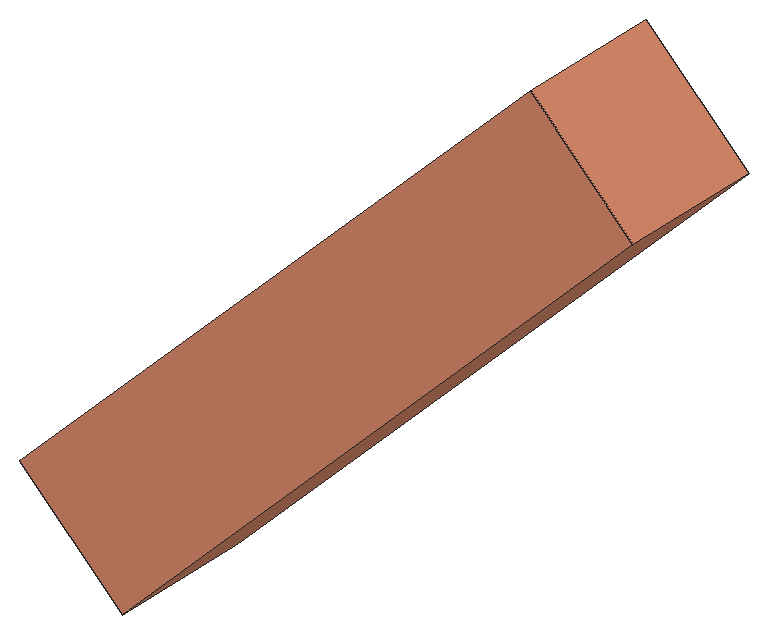
Revit family "盤サポート_角形鋼管(正方形) 1", category Generic Models, Revit 2020
Family settings
  Can host rebar = No
  Round Connector Dimension = Use Diameter
  Part Type = Normal
  Work Plane-Based = Yes
  Always vertical = No
  Cut with Voids When Loaded = No
  Shared = No
  Room Calculation Point = No
Parameters (values of type "100 x 100")
  高さ = 100 mm
  長辺 [instance] = 長さ  # 500 mm
  長さ [instance] = 500 mm
  部屋名 = ""
  角度 [instance] = 45.00°
  Default Elevation = 1219.2 mm
  構造マテリアル = E403_盤サポート
  幅 = 100 mm
Types (14, lengths in mm): name | 高さ | 幅
  100 x 100 | 100 | 100
  125 x 125 | 125 | 125
  150 x 150 | 150 | 150
  175 x 175 | 175 | 175
  200 x 200 | 200 | 200
  250 x 250 | 250 | 250
  300 x 300 | 300 | 300
  350 x 350 | 350 | 350
  40 x 40 | 40 | 40
  50 x 50 | 50 | 50
  60 x 60 | 60 | 60
  75 x 75 | 75 | 75
  80 x 80 | 80 | 80
  90 x 90 | 90 | 90
Reference planes
  plane 1 "中心(正面/背面)": y = 0
  plane 2: z = 0
  plane 3 "中心(左/右)": x = 0
Lines and regions (mm)
  reference lines
    curve 1: line (0, 0, 0) -> (806.102, 0, 806.102)
    curve 2: line (35.355, 0, -35.355) -> (-35.355, 0, 35.355)
    curve 3: line (388.909, 0, 318.198) -> (318.198, 0, 388.909)
Dimensions and locks
  equal spacing: curve 2, curve 1, curve 2
  "高さ": curve 2 to curve 2
  equal spacing: curve 3, curve 1, curve 3
  "高さ": curve 3 to curve 3
  "長さ": curve 2 to curve 3
  "角度": angle level to curve 1
  angle curve 2 to curve 1 = 90.00°
  angle curve 3 to curve 1 = 90.00°
  aligned and locked: level to plane 2
  aligned and locked: level to curve 1
  aligned and locked: plane 3 "中心(左/右)" to curve 1
  aligned and locked: curve 1 to nested 1
Nested families
  nested 1: "グレーチング_角形鋼管(正方形)" at (-35.355, 0, 35.355) x (0, 1, 0) z (0.7071, 0, -0.7071), 長さ <- "長さ", type "350 x 350"
    with 長辺 500 mm, 長さ 500 mm, 高さ 100 mm, 幅 100 mm
Definition of nested family "グレーチング_角形鋼管(正方形)"
  Parameters (values of type "350 x 350")
    高さ = 350 mm
    長辺 [instance] = 長さ  # 1000 mm
    長さ [instance] = 1000 mm
    部屋名 = ""
    Default Elevation = 1219.2 mm
    構造マテリアル = none
    幅 = 350 mm
  Reference planes
    plane 1 "中心(正面/背面)": y = 0
    plane 2: z = 0
    plane 3 "中心(左/右)": x = 0
    plane 4: z = 175
    plane 5: z = 350
  Forms (mm)
    Extrusion 1, solid, material <- "構造マテリアル"
      sketch origin (0, 0, 0) x (1, 0, 0) y (0, 1, 0)
        loop
          line (-175, 1000) -> (-175, 0) -> (175, 0) -> (175, 1000) -> (-175, 1000)
      from 0 to 350
  Lines and regions (mm)
    reference lines
      curve 1: line (175, 1000, 0) -> (-175, 1000, 0)
      curve 2: line (175, 0, 0) -> (-175, 0, 0)
  Dimensions and locks
    "長さ": curve 1 to curve 2
    "幅": Extrusion 1 to Extrusion 1
    equal spacing: Extrusion 1, plane 3 "中心(左/右)", Extrusion 1
    "幅": curve 1 to curve 1
    equal spacing: curve 1, plane 3 "中心(左/右)", curve 1
    "幅": curve 2 to curve 2
    equal spacing: curve 2, plane 3 "中心(左/右)", curve 2
    equal spacing: plane 5, plane 4, level
    "高さ": plane 5 to level
    aligned and locked: level to plane 2
    aligned and locked: Extrusion 1 to curve 2
    aligned and locked: curve 1 to Extrusion 1
    aligned and locked: plane 5 to Extrusion 1
  Automatic sketch dimensions
    Extrusion 1 sketch curve to plane 3 "中心(左/右)" = 175 mm
    plane 3 "中心(左/右)" to Extrusion 1 sketch curve = 175 mm
    plane 1 "中心(正面/背面)" to Extrusion 1 sketch curve = 0 mm
    Extrusion 1 sketch curve to plane 1 "中心(正面/背面)" = 1000 mm
    plane 1 "中心(正面/背面)" to curve 2 = 0 mm
